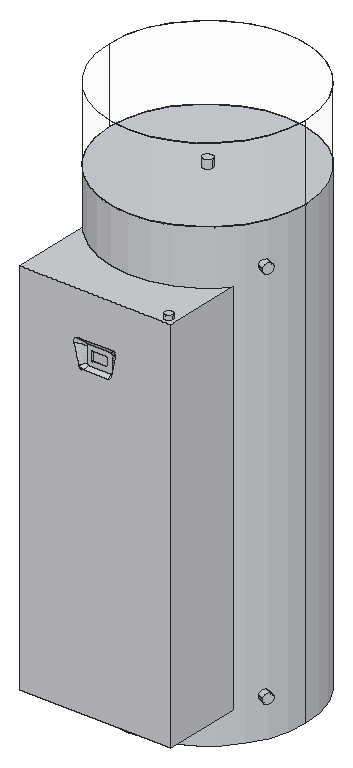
Revit family
Parameters (values of type "HC(Voltage)06 080 3 Phase")
  Wattage = KW * 1000 VA  # 6000 VA
  Water inlet length = Radius + 1"  # 13 3/4"
  VOLTAGE = 208 V
  Total Amps = KW * 1000 V / 1.73 / VOLTAGE  # 16.6741
  Top Clearance = 9 3/4"
  SES BIM Studio # = "201264902-40.1"
  URL = "http://www.lochinvar.com/products/default.aspx?type=productline&lineid=187"
  Panel Width = B_DIAMETER - 6"  # 19 1/2"
  Panel Depth = 13 7/8"
  Number of Poles = 3
  Model = "HC (X) 6 080"
  Manufacturer = "Lochinvar"
  MODEL NO. = "HC (Voltage) 6 080"
  KW = 6
  GALLON CAPACITY = "80"
  C_OVERALL DEPTH = 31"
  CONTINUOUS DELIVERY (GPH) = "25"
  B_DIAMETER = Radius * 2  # 25 1/2"
  A_HEIGHT = 60 1/4"
  Description = ""
  Fuel Type = ""
  Radius = 12 3/4"
  # OF ELEMENTS = "3"
Types (14): name | Wattage | Total Amps | Model | MODEL NO. | KW | CONTINUOUS DELIVERY (GPH) | # OF ELEMENTS
  (no name) | 6000 VA | 16.6741 | "HC (X) 6 080" | "HC (Voltage) 6 080" | 6 | "25" | "3"
  HC(Voltage)18 080 3 Phase | 18000 VA | 50.0222 | "HC (X) 18 080" | "HC (Voltage) 18 080" | 18 | "74" | "3"
  HC(Voltage)06 080 3 Phase | 6000 VA | 16.6741 | "HC (X) 6 080" | "HC (Voltage) 6 080" | 6 | "25" | "3"
  HC(Voltage)09 080 3 Phase | 9000 VA | 25.0111 | "HC (X) 9 080" | "HC (Voltage) 9 080" | 9 | "37" | "3"
  HC(Voltage)12 080 3 Phase | 12000 VA | 33.3482 | "HC (X) 12 080" | "HC (Voltage) 12 080" | 12 | "49" | "3"
  HC(Voltage)13.5 080 3 Phase | 13500 VA | 37.5167 | "HC (X) 13.5 080" | "HC (Voltage) 13.5 080" | 13.5 | "55" | "3"
  HC(Voltage)15 080 3 Phase | 15000 VA | 41.6852 | "HC (X) 15 080" | "HC (Voltage) 15 080" | 15 | "61" | "3"
  HC(Voltage)24 080 3 Phase | 24000 VA | 66.6963 | "HC (X) 24 080" | "HC (Voltage) 24 080" | 24 | "98" | "6"
  HC(Voltage)27 080 3 Phase | 27000 VA | 75.0333 | "HC (X) 27 080" | "HC (Voltage) 27 080" | 27 | "111" | "6"
  HC(Voltage)30 080 3 Phase | 30000 VA | 83.3704 | "HC (X) 30 080" | "HC (Voltage) 30 080" | 30 | "123" | "6"
  HC(Voltage)36 080 3 Phase | 36000 VA | 100.0445 | "HC (X) 36 080" | "HC (Voltage) 36 080" | 36 | "148" | "6"
  HC(Voltage)40 080 3 Phase | 40000 VA | 111.1605 | "HC (X) 40 080" | "HC (Voltage) 40 080" | 40 | "166" | "9"
  HC(Voltage)45 080 3 Phase | 45000 VA | 125.0556 | "HC (X) 45 080" | "HC (Voltage) 45 080" | 45 | "194" | "9"
  HC(Voltage)54 080 3 Phase | 54000 VA | 150.0667 | "HC (X) 54 080" | "HC (Voltage) 54 080" | 54 | "221" | "9"
Reference planes (in)
  plane 1 "Center (Front/Back)": y = 6.125
  plane 2: z = 0
  plane 3 "Center (Left/Right)": x = -1.39218
  plane 4 "Top": z = 60.25
  plane 5 "Top Clearance": z = 70
  plane 6 "Panel right": x = 8.35782
  plane 7 "Panel left": x = -11.14218
  plane 8 "Panel Face": y = -12.125
  plane 9: y = 18.875
  plane 10 "Panel top": z = 53.25
  plane 11 "Panel bottom": z = 4
  plane 12 "Water inlet anchor": through (-1.39218, 6.125, 48) normal (-0.9063, 0.4226, 0)
  plane 13 "Water inlet end": through (11.06955, 0.314, 48) normal (-0.9063, 0.4226, 0)
  plane 14: through (-1.39218, 6.125, 48) normal (-0.9063, -0.4226, 0)
  plane 15: through (-13.85391, 0.314, 48) normal (-0.9063, -0.4226, 0)
  plane 16: z = 5.25
  plane 17 "Control Panel Face": y = -11.375
Forms (in)
  Extrusion 1, solid
    sketch origin (0, 0, 0) x (1, 0, 0) y (0, 1, 0)
      loop
        circle (-1.39218, 6.125) r 12.75
    from 0 to 60.25
  Extrusion 2, solid, material "Clearance"
    sketch origin (0, 0, 60.25) x (-1, 0, 0) y (0, -1, 0)
      loop
        circle (1.39218, -6.125) r 12.75
    from 0 to 9.75
  Extrusion 3, solid
    sketch origin (-1.39218, 0, 0) x (0, 1, 0) y (0, 0, 1)
      loop
        line (6.125, 4) -> (6.125, 53.25) -> (-12.125, 53.25) -> (-12.125, 4) -> (6.125, 4)
    from 9.75 to -9.75
  Extrusion 4, solid
    sketch origin (0, 0, 60.25) x (-1, 0, 0) y (0, -1, 0)
      loop
        circle (1.39218, -6.125) r 0.625
    from 0 to 1
  Extrusion 5, solid
    sketch origin (0, 0, 53.25) x (-1, 0, 0) y (0, -1, 0)
      loop
        circle (-7.35782, 11.125) r 0.5
    from 0 to 0.5
  Extrusion 6, solid
    sketch origin (-4.99757, -2.51609, -1.07813) x (-0.422618, -0.906308, 0) y (0, 0, 1)
      loop
        circle (-9.35519, 6.3358) r 0.625
    from 0.38429 to -13.36571
  Extrusion 7, solid
    sketch origin (-0.30555, -3.58256, -1.07813) x (0.422618, -0.906308, 0) y (0, 0, -1)
      loop
        circle (-9.25727, -6.3358) r 0.625
    from 3.11777 to -10.63223
  Blend 8, void
    base sketch origin (0, -12.125, 0) x (1, 0, 0) y (0, 0, 1)
      loop
        arc (-3.62679, 47.5) -> (-4.02089, 47.30771) -> (-4.11186, 46.87873) r 0.5
        line (-4.11186, 46.87873) -> (-3.48686, 44.37873)
        arc (-3.48686, 44.37873) -> (-3.3095, 44.1059) -> (-3.00179, 44) r 0.5
        line (-3.00179, 44) -> (0.21743, 44)
        arc (0.21743, 44) -> (0.52514, 44.1059) -> (0.7025, 44.37873) r 0.5
        line (0.7025, 44.37873) -> (1.3275, 46.87873)
        arc (1.3275, 46.87873) -> (1.23654, 47.30771) -> (0.84243, 47.5) r 0.5
        line (0.84243, 47.5) -> (-3.62679, 47.5)
    top sketch origin (0, -12.125, 0) x (1, 0, 0) y (0, 0, 1)
      loop
        line (-2.81429, 44.25) -> (0.02993, 44.25)
        arc (0.02993, 44.25) -> (0.20671, 44.32322) -> (0.27993, 44.5) r 0.25
        line (0.27993, 44.5) -> (0.27993, 46.5)
        arc (0.27993, 46.5) -> (0.20671, 46.67678) -> (0.02993, 46.75) r 0.25
        line (0.02993, 46.75) -> (-2.81429, 46.75)
        arc (-2.81429, 46.75) -> (-2.99107, 46.67678) -> (-3.06429, 46.5) r 0.25
        line (-3.06429, 46.5) -> (-3.06429, 44.5)
        arc (-3.06429, 44.5) -> (-2.99107, 44.32322) -> (-2.81429, 44.25) r 0.25
    from 0 to -0.75
  Extrusion 9, void
    sketch origin (0, -11.375, 0.12693) x (1, 0, 0) y (0, 0, 1)
      loop
        arc (-2.31429, 46) -> (-2.40268, 45.96339) -> (-2.43929, 45.875) r 0.125
        line (-2.43929, 45.875) -> (-2.43929, 44.875)
        arc (-2.43929, 44.875) -> (-2.40268, 44.78661) -> (-2.31429, 44.75) r 0.125
        line (-2.31429, 44.75) -> (-0.47007, 44.75)
        arc (-0.47007, 44.75) -> (-0.38168, 44.78661) -> (-0.34507, 44.875) r 0.125
        line (-0.34507, 44.875) -> (-0.34507, 45.875)
        arc (-0.34507, 45.875) -> (-0.38168, 45.96339) -> (-0.47007, 46) r 0.125
        line (-0.47007, 46) -> (-2.31429, 46)
    from 0 to -0.125
  Extrusion 10, solid
    sketch origin (-4.99757, -2.51609, 48.92188) x (-0.422618, -0.906308, 0) y (0, 0, 1)
      loop
        circle (-9.35519, 6.3358) r 0.625
    from 0.38429 to -13.36571
Cuts and joins
  Blend 8, Extrusion 9 cuts Extrusion 1
  Blend 8, Extrusion 9 cuts Extrusion 3
Dimensions and locks (in)
  "A_HEIGHT": plane 4 "Top" to level
  "Top Clearance": plane 5 "Top Clearance" to plane 4 "Top"
  equal spacing: plane 7 "Panel left", plane 3 "Center (Left/Right)", plane 6 "Panel right"
  "Panel Width": plane 7 "Panel left" to plane 6 "Panel right"
  "Radius": plane 9 to Extrusion 3
  "C_OVERALL DEPTH": plane 8 "Panel Face" to plane 9
  locked: plane 11 "Panel bottom" to plane 2 at 4
  "Water inlet length": plane 12 "Water inlet anchor" to plane 13 "Water inlet end"
  "Water inlet length": plane 14 to plane 15
  locked: plane 8 "Panel Face" to plane 17 "Control Panel Face" at 0.75
  "Radius": radius of Extrusion 1 sketch curve
  "Radius": radius of Extrusion 2 sketch curve
  aligned and locked: plane 4 "Top" to Extrusion 1
  aligned and locked: plane 5 "Top Clearance" to Extrusion 2
  aligned and locked: plane 6 "Panel right" to Extrusion 3
  aligned and locked: Extrusion 3 to plane 7 "Panel left"
  aligned and locked: plane 8 "Panel Face" to Extrusion 3
  aligned and locked: Extrusion 3 to plane 1 "Center (Front/Back)"
  aligned and locked: plane 10 "Panel top" to Extrusion 3
  aligned and locked: Extrusion 3 to plane 11 "Panel bottom"
  aligned and locked: Extrusion 6 to plane 13 "Water inlet end"
  aligned and locked: Extrusion 7 to plane 15
Automatic sketch dimensions
  plane 1 "Center (Front/Back)" to Extrusion 1 sketch curve = 0"
  Extrusion 1 sketch curve to plane 3 "Center (Left/Right)" = 0"
  plane 1 "Center (Front/Back)" to Extrusion 2 sketch curve = 0"
  Extrusion 2 sketch curve to plane 3 "Center (Left/Right)" = 0"
  Extrusion 3 sketch curve to plane 8 "Panel Face" = 0"
  Extrusion 3 sketch curve to plane 1 "Center (Front/Back)" = 0"
  Extrusion 3 sketch curve to plane 11 "Panel bottom" = 0"
  Extrusion 3 sketch curve to plane 10 "Panel top" = 0"
  plane 1 "Center (Front/Back)" to Extrusion 4 sketch curve = 0"
  Extrusion 4 sketch curve to plane 3 "Center (Left/Right)" = 0"
  Extrusion 5 sketch curve to plane 17 "Control Panel Face" = 1/4"
  Extrusion 5 sketch curve to plane 6 "Panel right" = 1"
  plane 16 to Extrusion 6 sketch curve = 0.00768"
  Extrusion 7 sketch curve to plane 16 = 0.00768"
  Blend 8 sketch curve to plane 3 "Center (Left/Right)" = 2.71968"
  Blend 8 sketch curve to Blend 8 sketch curve = 0.48507"  (x4)
  Blend 8 sketch curve to plane 3 "Center (Left/Right)" = 2.09468"
  plane 3 "Center (Left/Right)" to Blend 8 sketch curve = 1.60961"
  plane 3 "Center (Left/Right)" to Blend 8 sketch curve = 2.23461"
  Blend 8 sketch curve to plane 10 "Panel top" = 9 1/4"
  Blend 8 sketch curve to Blend 8 sketch curve = 0.37873"  (x2)
  Blend 8 sketch curve to Blend 8 sketch curve = 2 1/2"  (x2)
  Blend 8 sketch curve to Blend 8 sketch curve = 0.12127"
  Blend 8 sketch curve to plane 3 "Center (Left/Right)" = 1.67211"
  Blend 8 sketch curve to Blend 8 sketch curve = 1/4"  (x3)
  plane 3 "Center (Left/Right)" to Blend 8 sketch curve = 1.42211"  (x2)
  Blend 8 sketch curve to plane 10 "Panel top" = 9"
  Blend 8 sketch curve to Blend 8 sketch curve = 2"
  Extrusion 9 sketch curve to plane 3 "Center (Left/Right)" = 1.04711"
  Extrusion 9 sketch curve to Extrusion 9 sketch curve = 1/8"  (x3)
  plane 3 "Center (Left/Right)" to Extrusion 9 sketch curve = 0.92211"  (x2)
  Extrusion 9 sketch curve to plane 10 "Panel top" = 8.37307"
  Extrusion 9 sketch curve to Extrusion 9 sketch curve = 1"
  plane 10 "Panel top" to Extrusion 10 sketch curve = 2.00768"
  radius of Extrusion 4 sketch curve = 5/8"
  radius of Extrusion 5 sketch curve = 1/2"
  radius of Extrusion 6 sketch curve = 5/8"
  radius of Extrusion 7 sketch curve = 5/8"
  radius of Extrusion 10 sketch curve = 5/8"
Connectors (in)
  piping at (-1.39218, 6.125, 61.25)
    settings: on Extrusion 4, index 1, connector radius 5/8", flow factor 0, pipe flow 0 GPM, pressure drop 0.00 psi, fitting loss kfactor 0, connector angle 0.00°, fixture units 0, flow configuration 0, flow direction 0, fitting loss method 0, system type 19, connector reference index -1, connector utility 0, adjustable connector no, is connector primary yes, fitting loss table "", connector description "Water Outlet"
  piping at (-13.85391, 0.314, 5.25768)
    settings: on Extrusion 7, index 5, connector radius 3/8", flow factor 0, pipe flow 0 GPM, pressure drop 0.00 psi, fitting loss kfactor 0, connector angle 0.00°, fixture units 0, flow configuration 1, flow direction 2, fitting loss method 0, system type 16, connector reference index -1, connector utility 0, adjustable connector no, is connector primary no, fitting loss table "", connector description ""
  piping at (11.06955, 0.314, 5.25768)
    settings: on Extrusion 6, index 6, connector radius 5/8", flow factor 0, pipe flow 0 GPM, pressure drop 0.00 psi, fitting loss kfactor 0, connector angle 0.00°, fixture units 0, flow configuration 0, flow direction 1, fitting loss method 0, system type 20, connector reference index -1, connector utility 0, adjustable connector no, is connector primary no, fitting loss table "", connector description "Water Inlet"
  electrical at (7.35782, -11.125, 53.75), driven by "Wattage", driven by "VOLTAGE", driven by "Number of Poles"
    settings: on Extrusion 5, index 7, voltage 208 V, apparent load 6000 VA, apparent load phase1 0 VA, apparent load phase2 0 VA, apparent load phase3 0 VA, power factor 1, load classification "Other", number of poles 3, system type 30, power factor state 1, is connector primary yes, connector utility no, sub classification motor no, connector description "Electrical"
